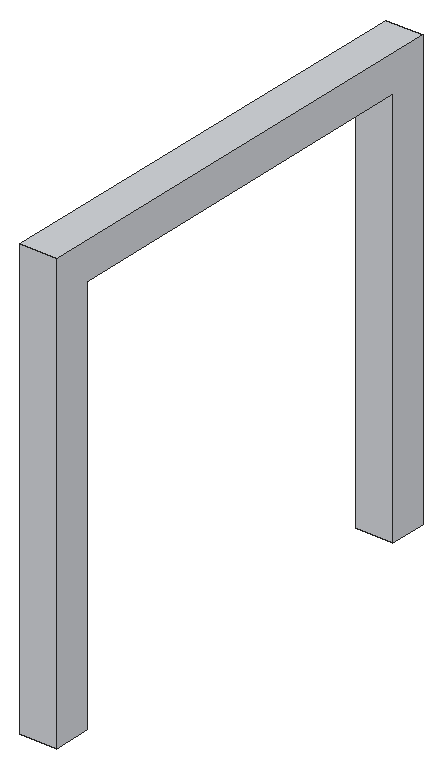
Revit family "Baid_A_Revit_ParkingBike", category Parking, Revit 2022
Family settings
  Work Plane-Based = No
  Always vertical = Yes
  Cut with Voids When Loaded = No
  Shared = No
Parameters (values of type "75x200")
  baid_area = Length * Width  # 1.50 m²
  Width = 750 mm
  URL = ""
  Type Comments = ""
  Model = ""
  Manufacturer = ""
  Length = 2000 mm
  Keynote = ""
  Description = ""
Reference planes
  plane 1 "Center (Front/Back)": y = 0
  plane 2: z = 0
  plane 3 "Center (Left/Right)": x = 0
Forms (mm)
  Sweep 1, solid
    path origin (0, 0, 0) x (0, 1, 0) y (0, 0, 1)
      loop
        line (400, 0) -> (400, 800) -> (-400, 800) -> (-400, 0)
    profile origin (0, 400, 400) x (0, -1, 0) y (1, 0, 0)
      loop
        line (-35, -35) -> (35, -35) -> (35, 35) -> (-35, 35) -> (-35, -35)
Lines and regions (mm)
  model lines
    curve 1: line (-375, 1000, 0) -> (375, 1000, 0)
    curve 2: line (-375, -1000, 0) -> (-375, 1000, 0)
    curve 3: line (375, -1000, 0) -> (-375, -1000, 0)
    curve 4: line (375, 1000, 0) -> (375, -1000, 0)
Dimensions and locks
  equal spacing: curve 2, plane 3 "Center (Left/Right)", curve 4
  equal spacing: curve 3, plane 1 "Center (Front/Back)", curve 1
  "Width": curve 2 to curve 4
  "Length": curve 1 to curve 3
  aligned and locked: level to plane 2
Automatic sketch dimensions
  Sweep 1 sketch curve to level = 0 mm
  level to Sweep 1 sketch curve = 0 mm
  Sweep 1 sketch curve to plane 1 "Center (Front/Back)" = 400 mm
  level to Sweep 1 sketch curve = 800 mm
  plane 1 "Center (Front/Back)" to Sweep 1 sketch curve = 400 mm
  profile plane to Sweep 1 sketch curve = 35 mm
  Sweep 1 sketch curve to profile plane = 35 mm
  Sweep 1 sketch curve to plane 3 "Center (Left/Right)" = 35 mm
  plane 3 "Center (Left/Right)" to Sweep 1 sketch curve = 35 mm
